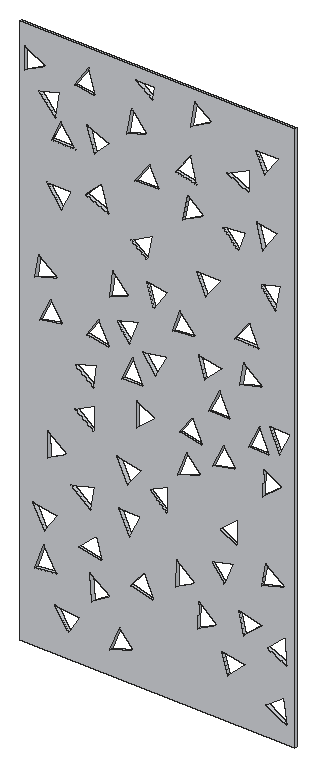
Revit family "J2 PET Felt Room Divider Scatter", category Specialty Equipment, Revit 2022
Family settings
  Round Connector Dimension = Use Diameter
  Part Type = Normal
  Work Plane-Based = No
  Always vertical = Yes
  Cut with Voids When Loaded = No
  Maintain Annotation Orientation = No
  Shared = No
  Room Calculation Point = No
Parameters
  URL = "https://www.j2systems.net/"
  Style Number = "RDSCTT"  # constant formula
  Symbol Name = "RDSCTT"  # constant formula
  Release Date = "2019"  # constant formula
  Product Line = "Room Divider"  # constant formula
  Model = "Scatter"  # constant formula
  Manufacturer = "J2 Systems"  # constant formula
  Keynote = ""
  Felt Color = none
  Default Elevation = 0' - 0"
Reference planes (in)
  plane 1 "Center (Front/Back)": y = 0
  plane 2: z = 0
  plane 3 "Center (Left/Right)": x = 0
Forms (in)
  Extrusion 1, solid, material <- "Felt Color"
    sketch origin (0, 0, 0) x (1, 0, 0) y (0, 0, 1)
      loop
        line (-23.5, 0) -> (23.5, 0) -> (23.5, 95) -> (-23.5, 95) -> (-23.5, 0)
      loop
        line (-15.20247, 3.91848) -> (-13.24117, 7.0549) -> (-17.44965, 7.50434) -> (-15.20247, 3.91848)
      loop
        line (-8.03349, 4.03668) -> (-3.96521, 5.20219) -> (-6.43642, 7.95515) -> (-8.03349, 4.03668)
      loop
        line (-11.10807, 10.28754) -> (-7.94141, 12.19936) -> (-11.49154, 14.5029) -> (-11.10807, 10.28754)
      loop
        line (-20.87334, 12.10728) -> (-17.19126, 12.47013) -> (-19.40545, 16.07798) -> (-20.87334, 12.10728)
      loop
        line (-4.55071, 15.03342) -> (-0.44669, 13.99574) -> (-2.16609, 17.86336) -> (-4.55071, 15.03342)
      loop
        line (-9.36385, 17.0035) -> (-10.39438, 20.60059) -> (-13.54492, 17.78089) -> (-9.36385, 17.0035)
      loop
        line (-19.25427, 18.32241) -> (-17.05657, 21.29941) -> (-21.21832, 22.07321) -> (-19.25427, 18.32241)
      loop
        line (-4.67776, 22.41209) -> (-2.80107, 26.25007) -> (-6.495, 26.25007) -> (-4.67776, 22.41209)
      loop
        line (-11.36097, 24.35337) -> (-10.65864, 27.98459) -> (-14.74891, 26.89193) -> (-11.36097, 24.35337)
      loop
        line (-18.66602, 29.63527) -> (-15.35916, 31.29695) -> (-18.72374, 33.86849) -> (-18.66602, 29.63527)
      loop
        line (-1.47338, 30.92173) -> (1.82798, 28.27185) -> (1.87059, 32.50506) -> (-1.47338, 30.92173)
      loop
        line (-4.96441, 30.4132) -> (-2.69661, 33.33659) -> (-6.83912, 34.20798) -> (-4.96441, 30.4132)
      loop
        line (-10.69576, 36.26242) -> (-10.75485, 40.49458) -> (-14.05896, 38.8329) -> (-10.69576, 36.26242)
      loop
        line (-3.55838, 39.5957) -> (-0.18005, 42.14663) -> (-3.47591, 43.82755) -> (-3.55838, 39.5957)
      loop
        line (-10.91016, 43.22005) -> (-10.29716, 46.86639) -> (-14.3572, 45.67477) -> (-10.91016, 43.22005)
      loop
        line (-2.31642, 46.28226) -> (-4.15212, 50.08529) -> (-6.01172, 46.28226) -> (-2.31642, 46.28226)
      loop
        line (-0.19242, 48.70812) -> (1.79362, 52.44517) -> (-2.37225, 51.69611) -> (-0.19242, 48.70812)
      loop
        line (-7.94965, 50.14576) -> (-9.91508, 53.89381) -> (-12.1114, 50.91819) -> (-7.94965, 50.14576)
      loop
        line (-20.17869, 50.34491) -> (-16.01201, 51.09411) -> (-18.19321, 54.08348) -> (-20.17869, 50.34491)
      loop
        line (-4.64829, 52.12768) -> (-3.11169, 56.07227) -> (-7.16211, 54.84216) -> (-4.64829, 52.12768)
      loop
        line (-16.84078, 57.82053) -> (-20.28783, 60.27525) -> (-20.90082, 56.62753) -> (-16.84078, 57.82053)
      loop
        line (-8.13657, 58.1765) -> (-4.60706, 59.28704) -> (-7.51534, 62.36437) -> (-8.13657, 58.1765)
      loop
        line (-0.62124, 58.68779) -> (1.82523, 62.14171) -> (-1.82523, 62.74646) -> (-0.62124, 58.68779)
      loop
        line (-1.60002, 65.85998) -> (-0.73944, 70.00615) -> (-4.53009, 68.12044) -> (-1.60002, 65.85998)
      loop
        line (-8.28089, 70.84867) -> (-9.52062, 74.89497) -> (-12.22823, 72.37428) -> (-8.28089, 70.84867)
      loop
        line (-16.35149, 68.62486) -> (-14.68019, 71.92484) -> (-18.91204, 71.99631) -> (-16.35149, 68.62486)
      loop
        line (-3.79065, 77.39229) -> (0.44119, 77.46238) -> (-1.23148, 80.76237) -> (-3.79065, 77.39229)
      loop
        line (-8.03762, 81.65849) -> (-11.98495, 83.1841) -> (-10.74385, 79.1378) -> (-8.03762, 81.65849)
      loop
        line (-13.87478, 78.68837) -> (-16.43396, 82.05982) -> (-18.10663, 78.75984) -> (-13.87478, 78.68837)
      loop
        line (-17.3342, 82.35532) -> (-16.71159, 86.54319) -> (-20.2411, 85.43265) -> (-17.3342, 82.35532)
      loop
        line (-22.67795, 87.81178) -> (-18.8708, 89.66037) -> (-22.67795, 91.51034) -> (-22.67795, 87.81178)
      loop
        line (-14.09469, 88.51686) -> (-10.4456, 87.91348) -> (-11.64822, 91.97078) -> (-14.09469, 88.51686)
      loop
        line (-5.13621, 84.22729) -> (-1.58196, 85.25123) -> (-4.41327, 88.39728) -> (-5.13621, 84.22729)
      loop
        line (22.34122, 2.82032) -> (21.78595, 7.01642) -> (18.699, 4.97678) -> (22.34122, 2.82032)
      loop
        line (12.13339, 6.98344) -> (15.21622, 9.88621) -> (11.02973, 10.51432) -> (12.13339, 6.98344)
      loop
        line (22.25188, 12.22273) -> (22.00861, 16.44908) -> (18.83644, 13.64526) -> (22.25188, 12.22273)
      loop
        line (14.81901, 14.17716) -> (18.08738, 16.86965) -> (13.95038, 17.77264) -> (14.81901, 14.17716)
      loop
        line (10.32053, 14.0191) -> (7.06315, 16.72396) -> (6.95182, 12.49211) -> (10.32053, 14.0191)
      loop
        line (3.26288, 17.5761) -> (6.60684, 19.15943) -> (3.30548, 21.80795) -> (3.26288, 17.5761)
      loop
        line (11.51078, 20.78263) -> (13.20681, 24.65987) -> (9.10966, 23.59607) -> (11.51078, 20.78263)
      loop
        line (17.86335, 22.91847) -> (21.97012, 23.94516) -> (18.62616, 26.5387) -> (17.86335, 22.91847)
      loop
        line (13.77445, 27.36749) -> (13.87341, 31.59795) -> (10.48546, 29.05939) -> (13.77445, 27.36749)
      loop
        line (3.51852, 34.88144) -> (7.57031, 36.11292) -> (5.05512, 38.82603) -> (3.51852, 34.88144)
      loop
        line (18.10662, 36.69842) -> (21.49401, 39.23656) -> (18.20421, 40.93027) -> (18.10662, 36.69842)
      loop
        line (13.68649, 39.14627) -> (11.44618, 42.0889) -> (9.53711, 38.31199) -> (13.68649, 39.14627)
      loop
        line (7.94278, 40.68974) -> (6.06807, 44.48452) -> (3.80027, 41.56113) -> (7.94278, 40.68974)
      loop
        line (15.66717, 43.37261) -> (19.37796, 43.37261) -> (17.55136, 47.19075) -> (15.66717, 43.37261)
      loop
        line (21.01902, 44.03921) -> (22.9707, 47.7955) -> (19.27351, 47.89446) -> (21.01902, 44.03921)
      loop
        line (12.54709, 46.45819) -> (10.80158, 50.31344) -> (8.8499, 46.55715) -> (12.54709, 46.45819)
      loop
        line (8.16681, 51.04189) -> (11.31973, 53.86495) -> (7.15112, 54.59889) -> (8.16681, 51.04189)
      loop
        line (14.19502, 52.38882) -> (18.2853, 53.48148) -> (14.89873, 56.02004) -> (14.19502, 52.38882)
      loop
        line (2.64439, 56.64815) -> (6.85561, 57.07147) -> (3.91985, 60.11994) -> (2.64439, 56.64815)
      loop
        line (13.22468, 59.18396) -> (17.45653, 59.15234) -> (15.86495, 62.49081) -> (13.22468, 59.18396)
      loop
        line (8.3606, 63.9532) -> (11.00087, 67.26143) -> (6.76765, 67.29304) -> (8.3606, 63.9532)
      loop
        line (20.39229, 65.91038) -> (21.11523, 70.08037) -> (17.56098, 69.05642) -> (20.39229, 65.91038)
      loop
        line (13.93938, 72.70551) -> (15.21484, 76.17868) -> (11.00361, 75.75398) -> (13.93938, 72.70551)
      loop
        line (18.18634, 74.4524) -> (20.7139, 77.8486) -> (17.07993, 78.53856) -> (18.18634, 74.4524)
      loop
        line (4.34729, 74.25861) -> (8.13657, 76.14431) -> (5.20768, 78.40386) -> (4.34729, 74.25861)
      loop
        line (6.80201, 80.59057) -> (5.6956, 84.67672) -> (3.16804, 81.2819) -> (6.80201, 80.59057)
      loop
        line (11.98633, 84.20255) -> (15.79348, 82.35258) -> (15.79348, 86.05252) -> (11.98633, 84.20255)
      loop
        line (18.50109, 86.12536) -> (21.06026, 89.49544) -> (16.82842, 89.42397) -> (18.50109, 86.12536)
      loop
        line (5.77257, 89.04463) -> (9.51649, 91.01968) -> (6.53395, 93.20848) -> (5.77257, 89.04463)
      loop
        line (-0.7683, 90.94408) -> (-0.38759, 93.02083) -> (-3.59686, 93.02083) -> (-0.7683, 90.94408)
    from 0.25 to -0.25
Dimensions and locks (in)
  aligned and locked: level to plane 2
